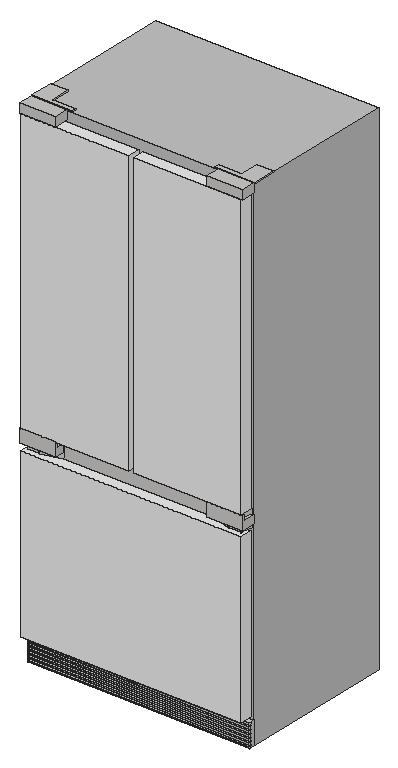
Revit family "FP_Revit_18_RS80A1_Fridge_90001174A", category Specialty Equipment, Revit 2018 (continued)
Definition of nested family "F&P Handle Kit - Contemporary Square - Vertical"
  Lines and regions (mm)
    sketch lines
      curve 3: line (-6.5, -42, 363.5) -> (6.5, -42, 363.5)
      curve 4: arc (-6.5, -42, 363.5) -> (-7.561, -41.561, 363.5) -> (-8, -40.5, 363.5) r 1.5
      curve 5: line (-8, -29.514, 363.5) -> (-8, -40.5, 363.5)
      curve 6: line (8, -29.487, -363.5) -> (8, -40.5, -363.5)
      curve 7: arc (6.5, -42, -363.5) -> (7.561, -41.561, -363.5) -> (8, -40.5, -363.5) r 1.5
      curve 8: line (6.5, -42, -363.5) -> (-6.5, -42, -363.5)
      curve 9: arc (-8, -40.5, -363.5) -> (-7.561, -41.561, -363.5) -> (-6.5, -42, -363.5) r 1.5
      curve 10: line (-8, -40.5, -363.5) -> (-8, -29.514, -363.5)
  Dimensions and locks
    equal spacing: plane 4 "Top", level, plane 5 "Bottom"
    "Handle - Length": plane 4 "Top" to plane 5 "Bottom"
    locked: plane 4 "Top" to plane 6 "Top Standoff" at 120
    locked: plane 7 "Bottom Standoff" to plane 5 "Bottom" at 120
    aligned and locked: level to plane 2
    aligned and locked: plane 4 "Top" to Extrusion 2
    aligned and locked: Extrusion 2 to plane 6 "Top Standoff"
    aligned and locked: plane 4 "Top" to Extrusion 1
    aligned and locked: Extrusion 1 to plane 5 "Bottom"
    aligned and locked: Extrusion 3 to plane 5 "Bottom"
    aligned and locked: plane 7 "Bottom Standoff" to Extrusion 3
    aligned and locked: plane 4 "Top" to Extrusion 8 sketch curve
    aligned and locked: plane 6 "Top Standoff" to Extrusion 8 sketch curve
    aligned and locked: plane 7 "Bottom Standoff" to Extrusion 8 sketch curve
    aligned and locked: plane 5 "Bottom" to Extrusion 8 sketch curve
    aligned and locked: plane 1 "Center (Front/Back)" to Extrusion 8 sketch curve  (x2)
  Automatic sketch dimensions
    Extrusion 1 sketch curve to plane 3 "Center (Left/Right)" = 8 mm
    Extrusion 1 sketch curve to Extrusion 1 sketch curve = 1 mm  (x2)
    Extrusion 1 sketch curve to Extrusion 1 sketch curve = 1.5 mm
    plane 3 "Center (Left/Right)" to Extrusion 1 sketch curve = 0.018 mm
    plane 3 "Center (Left/Right)" to Extrusion 1 sketch curve = 6.5 mm
    plane 3 "Center (Left/Right)" to Extrusion 1 sketch curve = 7 mm
    plane 1 "Center (Front/Back)" to Extrusion 1 sketch curve = 42 mm
    Extrusion 1 sketch curve to Extrusion 1 sketch curve = 1.206 mm
    Extrusion 1 sketch curve to Extrusion 1 sketch curve = 10.986 mm
    Extrusion 1 sketch curve to Extrusion 1 sketch curve = 11.013 mm
    Extrusion 1 sketch curve to Extrusion 1 sketch curve = 0 mm
    plane 1 "Center (Front/Back)" to Extrusion 2 sketch curve = 0 mm
    Extrusion 2 sketch curve to plane 3 "Center (Left/Right)" = 7.674 mm
    Extrusion 2 sketch curve to Extrusion 2 sketch curve = 0.4 mm  (x2)
    Extrusion 2 sketch curve to plane 3 "Center (Left/Right)" = 0.026 mm
    plane 3 "Center (Left/Right)" to Extrusion 2 sketch curve = 7.274 mm
    plane 1 "Center (Front/Back)" to Extrusion 2 sketch curve = 27.86 mm
    Extrusion 2 sketch curve to Extrusion 2 sketch curve = 0.033 mm
    Extrusion 2 sketch curve to Extrusion 2 sketch curve = 11.398 mm
    Extrusion 2 sketch curve to Extrusion 2 sketch curve = 0 mm
    plane 1 "Center (Front/Back)" to Extrusion 3 sketch curve = 0 mm
    Extrusion 3 sketch curve to Extrusion 3 sketch curve = 0.4 mm  (x2)
    Extrusion 3 sketch curve to Extrusion 3 sketch curve = 7.248 mm
    Extrusion 3 sketch curve to Extrusion 3 sketch curve = 7.3 mm
    plane 1 "Center (Front/Back)" to Extrusion 3 sketch curve = 27.86 mm
    Extrusion 3 sketch curve to Extrusion 3 sketch curve = 0.033 mm
    Extrusion 3 sketch curve to Extrusion 3 sketch curve = 11.398 mm
    Extrusion 3 sketch curve to Extrusion 3 sketch curve = 0 mm
    Sweep 4 sketch curve to profile plane = 0 mm  (x2)
    Sweep 4 sketch curve to profile plane = 1.3 mm  (x2)
    Sweep 5 sketch curve to profile plane = 0 mm  (x2)
    Sweep 5 sketch curve to profile plane = 1.3 mm  (x2)
    Extrusion 6 sketch curve to plane 5 "Bottom" = 0 mm  (x2)
    plane 5 "Bottom" to Extrusion 6 sketch curve = 1.3 mm  (x2)
    Extrusion 6 sketch curve to plane 3 "Center (Left/Right)" = 8 mm
    Extrusion 6 sketch curve to Extrusion 6 sketch curve = 1.3 mm  (x2)
    plane 3 "Center (Left/Right)" to Extrusion 6 sketch curve = 8 mm
    Extrusion 7 sketch curve to plane 4 "Top" = 0 mm  (x2)
    Extrusion 7 sketch curve to plane 3 "Center (Left/Right)" = 8 mm
    Extrusion 7 sketch curve to Extrusion 7 sketch curve = 1.3 mm  (x2)
    plane 3 "Center (Left/Right)" to Extrusion 7 sketch curve = 8 mm
    Extrusion 7 sketch curve to plane 4 "Top" = 1.3 mm  (x2)
    plane 1 "Center (Front/Back)" to Extrusion 8 sketch curve = 26.245 mm
    plane 1 "Center (Front/Back)" to Extrusion 8 sketch curve = 42 mm
    Extrusion 3 sketch curve to plane 3 "Center (Left/Right)" = 7.674 mm
Definition of nested family "F&P Handle Kit - Contemporary Square Fine - Horizontal"
  Parameters (values of type "AHD5RD80AB - Contemporary square fine black handle (2 of 2) (Horizontal) 646mm")
    URL = "www.fisherpaykel.com"
    Material - Handle = none
    Manufacturer = "Fisher & Paykel Appliances"
    Handle - Length = 646 mm
  Types (15, lengths in mm): name | Handle - Length
    (no name) | 646
    AHD5RD2484W - Contemporary square fine handle (2 of 2) (Horizontal) 494mm | 494
    AHD5RD2484WB - Contemporary square fine black handle (2 of 2) (Horizontal) 494mm | 494
    AHD5RD3084W - Contemporary square fine handle (2 of 2) (Horizontal) 646mm | 646
    AHD5RD3084WB - Contemporary square fine black handle (2 of 2) (Horizontal) 646mm | 646
    AHD5RD7621W - Contemporary square fine handle (2 of 2) (Horizontal) 646mm | 646
    AHD5RD7621WB - Contemporary square fine handle black (2 of 2) (Horizontal) 646mm | 646
    AHD5RD6121W - Contemporary square fine handle (2 of 2) (Horizontal) 494mm | 494
    AHD5RD6121WB - Contemporary square fine handle black (2 of 2) (Horizontal) 494mm | 494
    AHD5RD36A - Contemporary square fine handle (2 of 2) (Horizontal) 746mm | 746
    AHD5RD36AB - Contemporary square fine black handle (2 of 2) (Horizontal) 746mm | 746
    AHD5RD90A - Contemporary square fine handle (2 of 2) (Horizontal) 746mm | 746
    AHD5RD80A - Contemporary square fine handle (2 of 2) (Horizontal) 646mm | 646
    AHD5RD80AB - Contemporary square fine black handle (2 of 2) (Horizontal) 646mm | 646
    AHD5RD90AB - Contemporary square fine black handle (2 of 2) (Horizontal) 746mm | 746
  Reference planes
    plane 1 "Center (Front/Back)": y = 0
    plane 2: z = 0
    plane 3 "Center (Left/Right)": x = 0
    plane 4 "Product LHS": x = -323
    plane 5 "Product RHS": x = 323
    plane 6 "LHS Standoff": x = -202.995
    plane 7 "RHS Standoff": x = 203.005
  Forms (mm)
    Extrusion 1, solid, material <- "Material - Handle", detail levels fine
      sketch origin (0, 0, 0) x (0, 1, 0) y (0, 0, 1)
        loop
          arc (-26.813, 6.16) -> (-27.196, 6.554) -> (-27.728, 6.686) r 1
          line (-27.728, 6.686) -> (-40.035, 6.256)
          arc (-40.035, 6.256) -> (-40.719, 5.951) -> (-41, 5.257) r 1
          line (-41, 5.257) -> (-41, -5.257)
          arc (-41, -5.257) -> (-40.719, -5.951) -> (-40.035, -6.256) r 1
          line (-40.035, -6.256) -> (-27.709, -6.686)
          arc (-27.709, -6.686) -> (-27.175, -6.554) -> (-26.792, -6.158) r 1
          arc (-26.792, -6.158) -> (-25.256, 0.004) -> (-26.813, 6.16) r 13.038
      from -323 to 323
    Extrusion 2, solid, material <- "Material - Handle", detail levels fine
      sketch origin (0, 0, 0) x (0, 1, 0) y (0, 0, 1)
        loop
          arc (-26.626, -6.008) -> (-26.614, -6.49) -> (-26.2, -6.737) r 0.5
          line (-26.2, -6.737) -> (0, -7.696) -> (0, 7.704) -> (-26.174, 6.747)
          arc (-26.174, 6.747) -> (-26.587, 6.5) -> (-26.6, 6.019) r 0.5
          arc (-26.6, 6.019) -> (-25.156, 0.002) -> (-26.626, -6.008) r 13.136
      from 203.005 to 323
    Extrusion 3, solid, material <- "Material - Handle", detail levels coarse+medium
      sketch origin (0, 0, 0) x (1, 0, 0) y (0, 1, 0)
        loop
          line (-323, -42) -> (323, -42) -> (323, 0) -> (203.005, 0) -> (203.005, -26.156) -> (-202.995, -26.156) -> (-202.995, 0) -> (-323, 0) -> (-323, -42)
      from -8.022 to 7.978
    Extrusion 4, solid, material <- "Material - Handle", detail levels fine
      sketch origin (0, 0, 0) x (0, 1, 0) y (0, 0, 1)
        loop
          arc (-26.626, -6.008) -> (-26.614, -6.49) -> (-26.2, -6.737) r 0.5
          line (-26.2, -6.737) -> (0, -7.696) -> (0, 7.704) -> (-26.174, 6.747)
          arc (-26.174, 6.747) -> (-26.587, 6.5) -> (-26.6, 6.019) r 0.5
          arc (-26.6, 6.019) -> (-25.156, 0.002) -> (-26.626, -6.008) r 13.136
      from -323 to -202.995
  Dimensions and locks
    equal spacing: plane 4 "Product LHS", plane 3 "Center (Left/Right)", plane 5 "Product RHS"
    "Handle - Length": plane 4 "Product LHS" to plane 5 "Product RHS"
    locked: plane 4 "Product LHS" to plane 6 "LHS Standoff" at 120.005
    locked: plane 7 "RHS Standoff" to plane 5 "Product RHS" at 119.995
    aligned and locked: level to plane 2
    aligned and locked: Extrusion 1 to plane 5 "Product RHS"
    aligned and locked: plane 4 "Product LHS" to Extrusion 1
    aligned and locked: Extrusion 2 to plane 5 "Product RHS"
    aligned and locked: plane 4 "Product LHS" to Extrusion 3 sketch curve
    aligned and locked: Extrusion 3 sketch curve to plane 5 "Product RHS"
    aligned and locked: Extrusion 3 sketch curve to plane 7 "RHS Standoff"
    aligned and locked: plane 6 "LHS Standoff" to Extrusion 3 sketch curve
    aligned and locked: plane 4 "Product LHS" to Extrusion 4
    aligned and locked: plane 6 "LHS Standoff" to Extrusion 4
    aligned and locked: Extrusion 2 to plane 7 "RHS Standoff"
  Automatic sketch dimensions
    Extrusion 1 sketch curve to level = 5.257 mm
    plane 1 "Center (Front/Back)" to Extrusion 1 sketch curve = 41 mm
    level to Extrusion 1 sketch curve = 6.256 mm
    Extrusion 1 sketch curve to Extrusion 1 sketch curve = 0.965 mm  (x2)
    Extrusion 1 sketch curve to level = 6.256 mm
    Extrusion 1 sketch curve to Extrusion 1 sketch curve = 0.035 mm  (x3)
    Extrusion 1 sketch curve to level = 0.018 mm
    Extrusion 1 sketch curve to Extrusion 1 sketch curve = 1.706 mm
    level to Extrusion 1 sketch curve = 6.686 mm
    Extrusion 1 sketch curve to Extrusion 1 sketch curve = 12.307 mm
    Extrusion 1 sketch curve to level = 6.686 mm
    Extrusion 1 sketch curve to Extrusion 1 sketch curve = 12.326 mm
    Extrusion 1 sketch curve to Extrusion 1 sketch curve = 0.999 mm  (x2)
    Extrusion 1 sketch curve to Extrusion 1 sketch curve = 0 mm
    Extrusion 2 sketch curve to plane 1 "Center (Front/Back)" = 0 mm
    level to Extrusion 2 sketch curve = 6.247 mm
    plane 1 "Center (Front/Back)" to Extrusion 2 sketch curve = 26.155 mm
    level to Extrusion 2 sketch curve = 6.747 mm
    Extrusion 2 sketch curve to Extrusion 2 sketch curve = 0.018 mm  (x2)
    Extrusion 2 sketch curve to level = 6.238 mm
    Extrusion 2 sketch curve to Extrusion 2 sketch curve = 0.026 mm
    Extrusion 2 sketch curve to level = 6.737 mm
    level to Extrusion 2 sketch curve = 0.03 mm
    Extrusion 2 sketch curve to Extrusion 2 sketch curve = 12.11 mm
    Extrusion 2 sketch curve to level = 7.696 mm
    level to Extrusion 2 sketch curve = 7.704 mm
    Extrusion 2 sketch curve to Extrusion 2 sketch curve = 0 mm
    plane 1 "Center (Front/Back)" to Extrusion 3 sketch curve = 42 mm
    Extrusion 3 sketch curve to Extrusion 3 sketch curve = 15.844 mm
    Extrusion 3 sketch curve to Extrusion 3 sketch curve = 26.156 mm  (x2)
    level to Extrusion 4 sketch curve = 0.03 mm
    plane 1 "Center (Front/Back)" to Extrusion 4 sketch curve = 38.291 mm
    Extrusion 4 sketch curve to level = 6.737 mm
    Extrusion 4 sketch curve to Extrusion 4 sketch curve = 12.091 mm
    Extrusion 4 sketch curve to Extrusion 4 sketch curve = 0.018 mm  (x2)
    level to Extrusion 4 sketch curve = 6.747 mm
    Extrusion 4 sketch curve to Extrusion 4 sketch curve = 0.008 mm
    level to Extrusion 4 sketch curve = 7.704 mm
    Extrusion 4 sketch curve to Extrusion 4 sketch curve = 26.174 mm
    Extrusion 4 sketch curve to level = 7.696 mm
    Extrusion 4 sketch curve to Extrusion 4 sketch curve = 0.5 mm  (x2)
    Extrusion 4 sketch curve to Extrusion 4 sketch curve = 0 mm
Definition of nested family "F&P Handle Kit - Contemporary Square Fine - Vertical"
  Parameters (values of type "AHD5RD90AB - Contemporary square fine black handle (1 of 2) (Vertical) 727mm")
    URL = "www.fisherpaykel.com"
    Material - Handle = none
    Manufacturer = "Fisher & Paykel Appliances"
    Handle - Length = 727 mm
  Types (14): name
    AHD5RD2484W - Contemporary square fine handle (1 of 2) (Vertical) 727mm
    AHD5RD2484WB - Contemporary square fine black handle (1 of 2) (Vertical) 727mm
    AHD5RD3084W - Contemporary square fine handle (1 of 2) (Vertical) 727mm
    AHD5RD3084WB - Contemporary square fine black handle (1 of 2) (Vertical) 727mm
    AHD5RD6121W - Contemporary square fine handle (1 of 2) (Vertical) 727mm
    AHD5RD6121WB - Contemporary square fine black handle (1 of 2) (Vertical) 727mm
    AHD5RD7621W - Contemporary square fine handle (1 of 2) (Vertical) 727mm
    AHD5RD7621WB - Contemporary square fine black handle (1 of 2) (Vertical) 727mm
    AHD5RD36A - Contemporary square fine handle (1 of 2) (Vertical) 727mm
    AHD5RD36AB - Contemporary square fine black handle (1 of 2) (Vertical) 727mm
    AHD5RD80A - Contemporary square fine handle (1 of 2) (Vertical) 727mm
    AHD5RD90A - Contemporary square fine handle (1 of 2) (Vertical) 727mm
    AHD5RD80AB - Contemporary square fine black handle (1 of 2) (Vertical) 727mm
    AHD5RD90AB - Contemporary square fine black handle (1 of 2) (Vertical) 727mm
  Reference planes
    plane 1 "Center (Front/Back)": y = 0
    plane 2: z = 0
    plane 3 "Center (Left/Right)": x = 0
    plane 4 "Top": z = 363.5
    plane 5 "Bottom": z = -363.5
    plane 6 "Top Standoff": z = 243.5
    plane 7 "Bottom Standoff": z = -243.5
  Forms (mm)
    Extrusion 1, solid, material <- "Material - Handle", detail levels fine
      sketch origin (0, 0, 0) x (1, 0, 0) y (0, 1, 0)
        loop
          arc (-6.16, -26.813) -> (-6.554, -27.196) -> (-6.686, -27.728) r 1
          line (-6.686, -27.728) -> (-6.256, -40.035)
          arc (-6.256, -40.035) -> (-5.951, -40.719) -> (-5.257, -41) r 1
          line (-5.257, -41) -> (5.257, -41)
          arc (5.257, -41) -> (5.951, -40.719) -> (6.256, -40.035) r 1
          line (6.256, -40.035) -> (6.686, -27.709)
          arc (6.686, -27.709) -> (6.554, -27.175) -> (6.158, -26.792) r 1
          arc (6.158, -26.792) -> (-0.004, -25.256) -> (-6.16, -26.813) r 13.038
      from -363.5 to 363.5
    Extrusion 2, solid, material <- "Material - Handle", detail levels fine
      sketch origin (0, 0, 0) x (1, 0, 0) y (0, 1, 0)
        loop
          arc (6.012, -26.626) -> (6.494, -26.614) -> (6.741, -26.2) r 0.5
          line (6.741, -26.2) -> (7.7, 0) -> (-7.7, 0) -> (-6.742, -26.174)
          arc (-6.742, -26.174) -> (-6.496, -26.587) -> (-6.015, -26.6) r 0.5
          arc (-6.015, -26.6) -> (0.002, -25.156) -> (6.012, -26.626) r 13.136
      from 243.5 to 363.5
    Extrusion 3, solid, material <- "Material - Handle", detail levels coarse+medium
      sketch origin (0, 0, 0) x (0, 1, 0) y (0, 0, 1)
        loop
          line (0, 363.5) -> (-42, 363.5) -> (-42, -363.5) -> (0, -363.5) -> (0, -243.5) -> (-26.245, -243.5) -> (-26.245, 243.5) -> (0, 243.5) -> (0, 363.5)
      from -8 to 8
    Extrusion 4, solid, material <- "Material - Handle", detail levels fine
      sketch origin (0, 0, 0) x (1, 0, 0) y (0, 1, 0)
        loop
          arc (6.012, -26.626) -> (6.494, -26.614) -> (6.741, -26.2) r 0.5
          line (6.741, -26.2) -> (7.7, 0) -> (-7.7, 0) -> (-6.742, -26.174)
          arc (-6.742, -26.174) -> (-6.496, -26.587) -> (-6.015, -26.6) r 0.5
          arc (-6.015, -26.6) -> (0.002, -25.156) -> (6.012, -26.626) r 13.136
      from -363.5 to -243.5
  Dimensions and locks
    equal spacing: plane 4 "Top", level, plane 5 "Bottom"
    "Handle - Length": plane 4 "Top" to plane 5 "Bottom"
    locked: plane 4 "Top" to plane 6 "Top Standoff" at 120
    locked: plane 7 "Bottom Standoff" to plane 5 "Bottom" at 120
    aligned and locked: level to plane 2
    aligned and locked: plane 4 "Top" to Extrusion 2
    aligned and locked: Extrusion 2 to plane 6 "Top Standoff"
    aligned and locked: plane 4 "Top" to Extrusion 1
    aligned and locked: Extrusion 1 to plane 5 "Bottom"
    aligned and locked: plane 4 "Top" to Extrusion 3 sketch curve
    aligned and locked: plane 6 "Top Standoff" to Extrusion 3 sketch curve
    aligned and locked: plane 7 "Bottom Standoff" to Extrusion 3 sketch curve
    aligned and locked: plane 5 "Bottom" to Extrusion 3 sketch curve
    aligned and locked: Extrusion 4 to plane 5 "Bottom"
    aligned and locked: plane 7 "Bottom Standoff" to Extrusion 4
  Automatic sketch dimensions
    Extrusion 1 sketch curve to plane 3 "Center (Left/Right)" = 6.686 mm
    Extrusion 1 sketch curve to plane 3 "Center (Left/Right)" = 6.256 mm
    Extrusion 1 sketch curve to Extrusion 1 sketch curve = 0.999 mm  (x4)
    plane 3 "Center (Left/Right)" to Extrusion 1 sketch curve = 0.018 mm
    plane 3 "Center (Left/Right)" to Extrusion 1 sketch curve = 5.257 mm
    plane 3 "Center (Left/Right)" to Extrusion 1 sketch curve = 5.687 mm
    plane 1 "Center (Front/Back)" to Extrusion 1 sketch curve = 41 mm
    Extrusion 1 sketch curve to Extrusion 1 sketch curve = 0.965 mm  (x2)
    Extrusion 1 sketch curve to Extrusion 1 sketch curve = 1.706 mm
    Extrusion 1 sketch curve to Extrusion 1 sketch curve = 12.307 mm
    Extrusion 1 sketch curve to Extrusion 1 sketch curve = 12.326 mm
    Extrusion 1 sketch curve to Extrusion 1 sketch curve = 0.035 mm  (x2)
    Extrusion 1 sketch curve to Extrusion 1 sketch curve = 0 mm
    plane 1 "Center (Front/Back)" to Extrusion 2 sketch curve = 0 mm
    Extrusion 2 sketch curve to plane 3 "Center (Left/Right)" = 7.7 mm
    Extrusion 2 sketch curve to plane 3 "Center (Left/Right)" = 6.742 mm
    Extrusion 2 sketch curve to Extrusion 2 sketch curve = 0.5 mm  (x2)
    Extrusion 2 sketch curve to plane 3 "Center (Left/Right)" = 0.026 mm
    plane 3 "Center (Left/Right)" to Extrusion 2 sketch curve = 6.242 mm
    plane 3 "Center (Left/Right)" to Extrusion 2 sketch curve = 7.7 mm
    plane 1 "Center (Front/Back)" to Extrusion 2 sketch curve = 26.155 mm
    Extrusion 2 sketch curve to Extrusion 2 sketch curve = 0.018 mm  (x2)
    Extrusion 2 sketch curve to Extrusion 2 sketch curve = 0.026 mm
    Extrusion 2 sketch curve to Extrusion 2 sketch curve = 12.11 mm
    Extrusion 2 sketch curve to Extrusion 2 sketch curve = 0 mm
    plane 1 "Center (Front/Back)" to Extrusion 3 sketch curve = 42 mm
    Extrusion 3 sketch curve to Extrusion 3 sketch curve = 15.755 mm
    Extrusion 3 sketch curve to Extrusion 3 sketch curve = 42 mm  (x2)
    Extrusion 4 sketch curve to plane 3 "Center (Left/Right)" = 7.7 mm
    Extrusion 4 sketch curve to plane 3 "Center (Left/Right)" = 6.742 mm
    Extrusion 4 sketch curve to Extrusion 4 sketch curve = 0.5 mm  (x2)
    Extrusion 4 sketch curve to plane 3 "Center (Left/Right)" = 0.026 mm
    plane 3 "Center (Left/Right)" to Extrusion 4 sketch curve = 6.242 mm
    plane 3 "Center (Left/Right)" to Extrusion 4 sketch curve = 7.7 mm
    plane 1 "Center (Front/Back)" to Extrusion 4 sketch curve = 38.291 mm
    Extrusion 4 sketch curve to Extrusion 4 sketch curve = 12.091 mm
    Extrusion 4 sketch curve to Extrusion 4 sketch curve = 0.018 mm  (x2)
    Extrusion 4 sketch curve to Extrusion 4 sketch curve = 0.452 mm
    Extrusion 4 sketch curve to Extrusion 4 sketch curve = 26.174 mm
    Extrusion 4 sketch curve to Extrusion 4 sketch curve = 0 mm
Definition of nested family "Comment Marker 2D"
  Types (3): name
    New
    Resolved
    Active
  Reference planes
    plane 1: y = 0
    plane 2: x = 0
  Text (mm)
    text "Edit Type: \nTo control handle kit \nand door panel visibility\n options\n\nDelete unwanted kits \nto reduce file size" at (-0.165, 35.556, 0)
